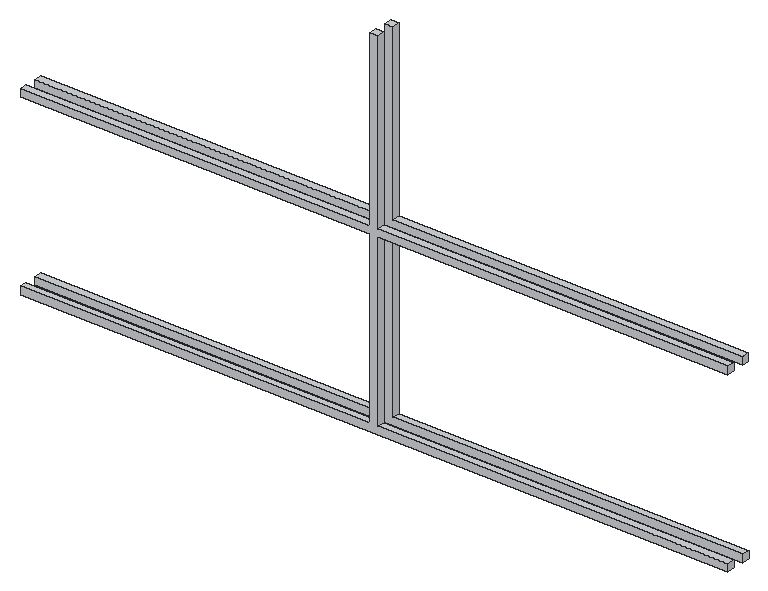
Revit family "M_Padrão do montante_fracional_2x2", category Modelos genéricos, Revit 2019
Family settings
  Pode hospedar o vergalhão = Não
  Cota do conector redondo = Utilizar diâmetro
  Tipo de parte = Normal
  Com base no plano de trabalho = Não
  Sempre na vertical = Sim
  Corte com vazios quando carregada = Não
  Compartilhado = Sim
  Ponto de cálculo do ambiente = Não
Parameters
  Largura [instance] = 1200 mm
  Espessura = 12.7 mm
  Altura [instance] = 1200 mm
  Material interior [instance] = none
  Material externo [instance] = none
  Distância = 19.05 mm
Reference planes
  plane 1 "Centro (Frente/Trás)": y = 0
  plane 2: z = 0
  plane 3 "Centro (Esquerda/Direita)": x = 0
  plane 4: z = 1200
  plane 5: x = -600
  plane 6: x = 600
  plane 7 "a": y = 9.525
  plane 8 "b": y = -9.525
  plane 9: z = 600
  plane 10: x = 0
  plane 11: x = -6.35
  plane 12: x = 6.35
  plane 13: z = 900
  plane 14: z = 906.35
  plane 15: z = 893.65
  plane 16: z = 606.35
  plane 17: z = 593.65
  plane 18: y = 22.225
  plane 19: y = -22.225
Forms (mm)
  Extrusion 1, solid, material <- "Material externo", detail levels fine
    sketch origin (0, 0, 0) x (1, 0, 0) y (0, 0, 1)
      loop
        line (-600, 906.35) -> (-600, 893.65) -> (-6.35, 893.65) -> (-6.35, 606.35) -> (-600, 606.35) -> (-600, 593.65) -> (600, 593.65) -> (600, 606.35) -> (6.35, 606.35) -> (6.35, 893.65) -> (600, 893.65) -> (600, 906.35) -> (6.35, 906.35) -> (6.35, 1200) -> (-6.35, 1200) -> (-6.35, 906.35) -> (-600, 906.35)
    from -22.225 to -9.525
  Extrusion 2, solid, material <- "Material interior", detail levels fine
    sketch origin (0, 0, 0) x (1, 0, 0) y (0, 0, -1)
      loop
        line (-600, -906.35) -> (-6.35, -906.35) -> (-6.35, -1200) -> (6.35, -1200) -> (6.35, -906.35) -> (600, -906.35) -> (600, -893.65) -> (6.35, -893.65) -> (6.35, -606.35) -> (600, -606.35) -> (600, -593.65) -> (-600, -593.65) -> (-600, -606.35) -> (-6.35, -606.35) -> (-6.35, -893.65) -> (-600, -893.65) -> (-600, -906.35)
    from -22.225 to -9.525
Lines and regions (mm)
  model lines, detail levels medium
    curve 1: line (-600, 9.525, 600) -> (600, 9.525, 600)
    curve 6: line (-600, -9.525, 600) -> (600, -9.525, 600)
  model lines, style "GenericModel", detail levels medium
    curve 2: line (0, 9.525, 1200) -> (0, 9.525, 600)
    curve 3: line (-600, 9.525, 900) -> (600, 9.525, 900)
    curve 4: line (0, -9.525, 1200) -> (0, -9.525, 600)
    curve 5: line (-600, -9.525, 900) -> (600, -9.525, 900)
Dimensions and locks
  equal spacing: plane 6, plane 3 "Centro (Esquerda/Direita)", plane 5
  "Largura": plane 6 to plane 5
  "Altura": plane 4 to plane 2
  equal spacing: plane 7 "a", plane 1 "Centro (Frente/Trás)", plane 8 "b"
  "Distância": plane 7 "a" to plane 8 "b"
  plane 12 to plane 10 to plane 11 = 6.35 mm locked, 6.35 mm locked
  equal spacing: plane 4, plane 13, plane 9
  plane 14 to plane 13 to plane 15 = 6.35 mm locked, 6.35 mm locked
  locked: plane 16 to plane 9 at 6.35
  locked: plane 9 to plane 17 at 6.35
  equal spacing: plane 4, plane 9, plane 2
  "Espessura": plane 18 to plane 7 "a"
  "Espessura": plane 8 "b" to plane 19
  aligned and locked: plane 2 to level
  aligned and locked: plane 5 to curve 1
  aligned and locked: plane 6 to curve 1
  aligned and locked: curve 1 to plane 9
  aligned and locked: curve 2 to plane 10
  aligned and locked: plane 4 to curve 2
  aligned and locked: plane 9 to curve 2
  aligned and locked: plane 3 "Centro (Esquerda/Direita)" to plane 10
  aligned and locked: curve 3 to plane 13
  aligned and locked: plane 6 to curve 3
  aligned and locked: plane 5 to curve 3
  aligned and locked: Extrusion 1 sketch curve to plane 14
  aligned and locked: Extrusion 1 sketch curve to plane 15
  aligned and locked: Extrusion 1 sketch curve to plane 16
  aligned and locked: Extrusion 1 sketch curve to plane 17
  aligned and locked: Extrusion 1 sketch curve to plane 5
  aligned and locked: Extrusion 1 sketch curve to plane 11
  aligned and locked: Extrusion 1 sketch curve to plane 12
  aligned and locked: Extrusion 1 sketch curve to plane 6
  aligned and locked: Extrusion 1 sketch curve to plane 4
  aligned and locked: Extrusion 1 to plane 7 "a"
  aligned and locked: Extrusion 1 to plane 18
  aligned and locked: Extrusion 2 to plane 5  (x3)
  aligned and locked: plane 6 to Extrusion 2  (x3)
  aligned and locked: plane 8 "b" to Extrusion 2
  aligned and locked: Extrusion 2 to plane 19
  aligned and locked: plane 16 to Extrusion 2
  aligned and locked: Extrusion 2 to plane 17
  aligned and locked: Extrusion 1 to plane 5  (x2)
  aligned and locked: Extrusion 2 to plane 15
  aligned and locked: plane 14 to Extrusion 2
  aligned and locked: plane 6 to Extrusion 1  (x2)
  aligned and locked: plane 5 to curve 6
  aligned and locked: plane 6 to curve 6
Automatic sketch dimensions
  Extrusion 1 sketch curve to plane 5 = 0 mm
  Extrusion 1 sketch curve to plane 11 = 0 mm
  Extrusion 1 sketch curve to plane 12 = 0 mm
  Extrusion 1 sketch curve to plane 6 = 0 mm
  Extrusion 1 sketch curve to plane 16 = 0 mm
  Extrusion 1 sketch curve to plane 15 = 0 mm
  Extrusion 1 sketch curve to plane 14 = 0 mm
  Extrusion 2 sketch curve to plane 5 = 0 mm  (x2)
  Extrusion 2 sketch curve to plane 11 = 0 mm  (x2)
  Extrusion 2 sketch curve to plane 4 = 0 mm
  Extrusion 2 sketch curve to plane 12 = 0 mm  (x2)
  Extrusion 2 sketch curve to plane 6 = 0 mm  (x2)
  Extrusion 2 sketch curve to plane 14 = 0 mm  (x2)
  Extrusion 2 sketch curve to plane 15 = 0 mm  (x2)
  Extrusion 2 sketch curve to plane 16 = 0 mm  (x2)
  Extrusion 2 sketch curve to plane 17 = 0 mm
  curve 5 to plane 6 = 0 mm
  curve 4 to plane 3 "Centro (Esquerda/Direita)" = 0 mm
  curve 5 to plane 5 = 0 mm
  curve 4 to plane 9 = 0 mm
  curve 5 to plane 13 = 0 mm
  curve 4 to plane 4 = 0 mm
  curve 6 to plane 6 = 0 mm
  curve 6 to plane 5 = 0 mm
